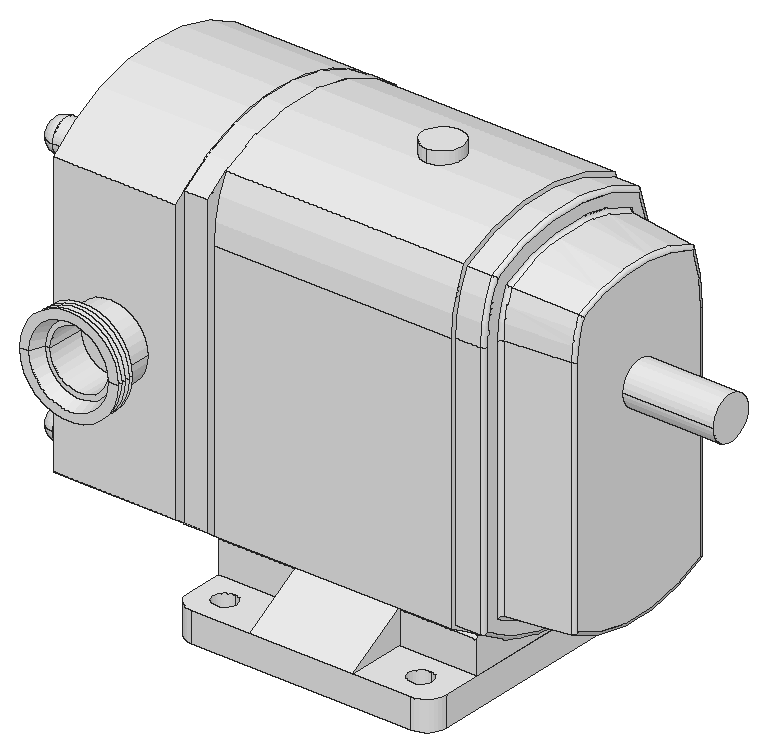
Revit family "MIT MLP 23 - Lobe Pump ", category Specialty Equipment, Revit 2022
Family settings
  Round Connector Dimension = Use Diameter
  Part Type = Normal
  Work Plane-Based = No
  Always vertical = Yes
  Cut with Voids When Loaded = No
  Maintain Annotation Orientation = No
  Shared = No
  Room Calculation Point = No
Parameters
  URL = "https://en.ekinendustriyel.com/lobe-pumps/lobe-pumps"
  Pressure = 20.0 bar  # constant formula
  Motor Power = 4 kW  # constant formula
  Model = "MLP-23-TUL"
  Manufacturer = "Ekin Endüstriyel"
  Keynote = "Double Serpentine Heater Tank"
  Flow = 5.0 m³/h  # constant formula
  Description = "MIT MLP 23 - Lobe Pump"
  Default Elevation = 0 mm
Reference planes
  plane 1 "Center (Front/Back)": y = 0
  plane 2: z = 0
  plane 3 "Center (Left/Right)": x = 0
Forms (mm)
  Extrusion 1, solid, material "Ekin Endüstriyel_StainlesSteel", detail levels medium+fine
    sketch origin (0, 0, 0) x (0, 1, 0) y (0, 0, 1)
      loop
        arc (65, 198) -> (0, 223) -> (-65, 198) r 97
        line (-65, 198) -> (-65, 54)
        arc (-65, 54) -> (0, 29) -> (65, 54) r 97
        line (65, 54) -> (65, 198)
    from -0.581 to -63.081
  Extrusion 2, solid, material "Ekin Endüstriyel_StainlesSteel", detail levels medium+fine
    sketch origin (0, 0, 0) x (0, 1, 0) y (0, 0, 1)
      loop
        arc (-48, 210.291) -> (-53.968, 195.324) -> (-56, 179.34) r 63.873
        line (-56, 179.34) -> (-56, 46.798)
        arc (-56, 46.798) -> (0, 29) -> (56, 46.798) r 97
        line (56, 46.798) -> (56, 169.858)
        arc (56, 169.858) -> (53.981, 190.467) -> (48, 210.291) r 106.175
        arc (48, 210.291) -> (0, 223) -> (-48, 210.291) r 97
    from 132.919 to 11.419
  Extrusion 3, solid, material "Ekin Endüstriyel_StainlesSteel", detail levels coarse
    sketch origin (0, 0, 0) x (0, 1, 0) y (0, 0, 1)
      loop
        arc (65, 198) -> (0, 223) -> (-65, 198) r 97
        line (-65, 198) -> (-65, 54)
        arc (-65, 54) -> (0, 29) -> (65, 54) r 97
        line (65, 54) -> (65, 198)
    from -63.081 to 183.857
  Sweep 4, solid, material "Ekin Endüstriyel_StainlesSteel", detail levels medium+fine
    path in 3D
      loop
        arc (132.919, 48, 210.291) -> (132.919, 53.981, 190.467) -> (132.919, 56, 169.858) r 106.175
        line (132.919, 56, 169.858) -> (132.919, 56, 46.798)
        arc (132.919, 56, 46.798) -> (132.919, 0, 29) -> (132.919, -56, 46.798) r 97
        line (132.919, -56, 46.798) -> (132.919, -56, 179.34)
        arc (132.919, -56, 179.34) -> (132.919, -53.968, 195.324) -> (132.919, -48, 210.291) r 63.873
        arc (132.919, -48, 210.291) -> (132.919, 0, 223) -> (132.919, 48, 210.291) r 97
    profile origin (132.919, 0, 223) x (0, 0, 1) y (1, 0, 0)
      loop
        line (-2.005, 0) -> (-2.005, 13.004)
        arc (-2.005, 13.004) -> (-2.584, 14.402) -> (-3.981, 14.98) r 1.976
        line (-3.981, 14.98) -> (-10.133, 14.98)
        arc (-10.133, 14.98) -> (-11.482, 15.503) -> (-12.125, 16.799) r 2
        line (-12.125, 16.799) -> (-15.082, 49.18)
        arc (-15.082, 49.18) -> (-15.704, 50.432) -> (-17.007, 50.938) r 1.933
        line (-17.007, 50.938) -> (-23.918, 50.938) -> (-23.918, 0) -> (-2.005, 0)
  Extrusion 5, solid, material "Ekin Endüstriyel_StainlesSteel", detail levels medium+fine
    sketch origin (0, 0, 0) x (0, 1, 0) y (0, 0, 1)
      loop
        arc (-29.766, 192.746) -> (-31.499, 186.142) -> (-32.082, 179.34) r 39.955
        line (-32.082, 179.34) -> (-32.082, 60.336)
        arc (-32.082, 60.336) -> (0, 52.918) -> (32.082, 60.336) r 73.082
        line (32.082, 60.336) -> (32.082, 169.858)
        arc (32.082, 169.858) -> (31.232, 181.657) -> (28.697, 193.212) r 82.257
        arc (28.697, 193.212) -> (-0.583, 199.08) -> (-29.766, 192.746) r 73.082
    from 170.518 to 183.857
  Revolve 6, solid, material "Ekin Endüstriyel_StainlesSteel", detail levels fine
    sketch origin (35.739, 0, 123.787) x (1, 0, 0) y (0, 1, 0)
      loop
        line (-88.818, -65.017) -> (-88.818, -81.023) -> (-92.717, -81.023) -> (-94.485, -82.044) -> (-92.482, -83.2) -> (-94.485, -84.357) -> (-92.48, -85.515) -> (-94.485, -86.672) -> (-92.482, -87.829) -> (-94.485, -88.986) -> (-92.482, -90.142) -> (-94.841, -91.504) -> (-90.152, -91.504) -> (-87.609, -84.516) -> (-84.934, -84.516) -> (-84.934, -65.017) -> (-88.818, -65.017)
      axis (-69.763, -65.017) -> (-69.763, -91.504)
    angle from 0 to 360
  Extrusion 7, solid, material "Ekin Endüstriyel_StainlesSteel"
    sketch origin (-63.081, 0, 0) x (0, -1, 0) y (0, 0, 1)
      loop
        circle (0, 126) r 50
    from 0 to 10
  Extrusion 8, solid, material "Ekin Endüstriyel_StainlesSteel", detail levels medium+fine
    sketch origin (0, 0, 0) x (0, 1, 0) y (0, 0, 1)
      loop
        line (-34.093, 32.841) -> (-65, 15) -> (65, 15) -> (34.097, 32.842)
        arc (34.097, 32.842) -> (0.002, 27.834) -> (-34.093, 32.841) r 118.583
    from 36.862 to 89.521
  Extrusion 9, solid, material "Ekin Endüstriyel_StainlesSteel", detail levels medium
    sketch origin (-75.568, 0, 30.923) x (1, 0, 0) y (0, 0, 1)
      loop
        circle (41.544, 92.864) r 25.078
      loop
        circle (41.544, 92.864) r 20.389
    from 65.017 to 91.504
  Extrusion 10, solid, material "Ekin Endüstriyel_StainlesSteel"
    sketch origin (107.25, 0, 153) x (0, 0, 1) y (0, 1, 0)
      loop
        circle (0, 0) r 11
    from -123.169 to -76.607
  Extrusion 11, solid, material "Ekin Endüstriyel_StainlesSteel", detail levels medium+fine
    sketch origin (0, 0, 0) x (0, 1, 0) y (0, 0, 1)
      loop
        line (-60, 202.217) -> (-60, 49.783)
        arc (-60, 49.783) -> (0, 29) -> (60, 49.783) r 97
        line (60, 49.783) -> (60, 202.217)
        arc (60, 202.217) -> (0, 223) -> (-60, 202.217) r 97
    from 11.419 to -0.581
  Extrusion 12, solid, material "Ekin Endüstriyel_StainlesSteel", detail levels coarse
    sketch origin (-99.135, 0, 4.353) x (1, 0, 0) y (0, 0, 1)
      loop
        circle (65.111, 119.434) r 25.078
    from 65 to 91.504
  Extrusion 13, solid, material "Ekin Endüstriyel_StainlesSteel"
    sketch origin (0, 0, 0) x (1, 0, 0) y (0, 1, 0)
      loop
        circle (12.419, -50) r 6
      loop
        circle (112.419, -50) r 6
      loop
        circle (12.419, 50) r 6
      loop
        circle (112.419, 50) r 6
      loop
        line (119.419, 65) -> (7.419, 65)
        arc (7.419, 65) -> (0.348, 62.071) -> (-2.581, 55) r 10
        line (-2.581, 55) -> (-2.581, -55)
        arc (-2.581, -55) -> (0.348, -62.071) -> (7.419, -65) r 10
        line (7.419, -65) -> (119.419, -65)
        arc (119.419, -65) -> (126.49, -62.071) -> (129.419, -55) r 10
        line (129.419, -55) -> (129.419, 55)
        arc (129.419, 55) -> (126.49, 62.071) -> (119.419, 65) r 10
    from 0 to 15
  Extrusion 14, solid, material "Ekin Endüstriyel_StainlesSteel"
    sketch origin (0, 0, 0) x (0, 1, 0) y (0, 0, 1)
      loop
        arc (-33.135, 32.594) -> (-34.417, 32.362) -> (-35, 31.197) r 1.456
        line (-35, 31.197) -> (-35, 15) -> (35.25, 15) -> (35.25, 31.095)
        arc (35.25, 31.095) -> (34.637, 32.321) -> (33.289, 32.566) r 1.532
        arc (33.289, 32.566) -> (0.075, 27.834) -> (-33.135, 32.594) r 118.583
    from -2.581 to 129.018
  Revolve 15, solid, material "Ekin Endüstriyel_StainlesSteel", detail levels fine
    sketch origin (56.401, 0, 191.795) x (1, 0, 0) y (0, 1, 0)
      loop
        line (-119.482, -48.5) -> (-119.482, -39.954) -> (-141.528, -39.954)
        arc (-141.528, -39.954) -> (-139.025, -45.997) -> (-132.982, -48.5) r 8.546
        line (-132.982, -48.5) -> (-119.482, -48.5)
      axis (-119.482, -39.954) -> (-141.528, -39.954)
    angle from 0 to 360
  Extrusion 16, solid, material "Ekin Endüstriyel_StainlesSteel", detail levels medium+fine
    sketch origin (0, 0, 0) x (1, 0, 0) y (0, 1, 0)
      loop
        circle (83.419, 0) r 10
    from 221 to 229
  Extrusion 17, solid, material "Ekin Endüstriyel_StainlesSteel", detail levels coarse+medium
    sketch origin (-119.482, 0, 146.417) x (0, 0, 1) y (0, 1, 0)
      loop
        circle (45.378, -39.954) r 8.546
      loop
        circle (45.378, 39.954) r 8.546
      loop
        circle (-86.212, 39.954) r 8.546
      loop
        circle (-86.212, -39.954) r 8.546
    from -56.401 to -33.901
  Revolve 18, solid, material "Ekin Endüstriyel_StainlesSteel", detail levels fine
    sketch origin (56.401, 0, 191.795) x (1, 0, 0) y (0, 1, 0)
      loop
        line (-119.482, 48.5) -> (-132.982, 48.5)
        arc (-132.982, 48.5) -> (-139.025, 45.997) -> (-141.528, 39.954) r 8.546
        line (-141.528, 39.954) -> (-119.482, 39.954) -> (-119.482, 48.5)
      axis (-119.482, 39.954) -> (-141.528, 39.954)
    angle from 0 to 360
  Revolve 19, solid, material "Ekin Endüstriyel_StainlesSteel", detail levels fine
    sketch origin (56.401, 0, 60.205) x (1, 0, 0) y (0, 1, 0)
      loop
        line (-119.482, -48.5) -> (-119.482, -39.954) -> (-141.528, -39.954)
        arc (-141.528, -39.954) -> (-139.025, -45.997) -> (-132.982, -48.5) r 8.546
        line (-132.982, -48.5) -> (-119.482, -48.5)
      axis (-119.482, -39.954) -> (-141.528, -39.954)
    angle from 0 to 360
  Revolve 20, solid, material "Ekin Endüstriyel_StainlesSteel", detail levels fine
    sketch origin (56.401, 0, 60.205) x (1, 0, 0) y (0, 1, 0)
      loop
        line (-119.482, 48.5) -> (-132.982, 48.5)
        arc (-132.982, 48.5) -> (-139.025, 45.997) -> (-141.528, 39.954) r 8.546
        line (-141.528, 39.954) -> (-119.482, 39.954) -> (-119.482, 48.5)
      axis (-119.482, 39.954) -> (-141.528, 39.954)
    angle from 0 to 360
  Revolve 21, solid, material "Ekin Endüstriyel_StainlesSteel", detail levels fine
    sketch origin (35.739, 0, 123.787) x (1, 0, 0) y (0, 1, 0)
      loop
        line (-88.818, 65.017) -> (-84.934, 65.017) -> (-84.934, 84.516) -> (-87.609, 84.516) -> (-90.152, 91.504) -> (-94.841, 91.504) -> (-92.482, 90.142) -> (-94.485, 88.986) -> (-92.482, 87.829) -> (-94.485, 86.672) -> (-92.48, 85.515) -> (-94.485, 84.357) -> (-92.482, 83.2) -> (-94.485, 82.044) -> (-92.717, 81.023) -> (-88.818, 81.023) -> (-88.818, 65.017)
      axis (-69.763, 65.017) -> (-69.763, 91.504)
    angle from 0 to 360
  Extrusion 22, solid, material "Ekin Endüstriyel_StainlesSteel", detail levels medium
    sketch origin (-75.568, 0, 30.923) x (1, 0, 0) y (0, 0, -1)
      loop
        circle (41.544, -92.864) r 25.078
      loop
        circle (41.544, -92.864) r 20.389
    from 65.017 to 91.504
  Extrusion 23, solid, material "Ekin Endüstriyel_StainlesSteel", detail levels coarse
    sketch origin (-99.135, 0, 4.353) x (1, 0, 0) y (0, 0, -1)
      loop
        circle (65.111, -119.434) r 25.078
    from 65 to 91.504
Cuts and joins
  joined: Sweep 4, Extrusion 5
  joined: Extrusion 2, Extrusion 11, Extrusion 16
Lines and regions (mm)
  sketch lines
    curve 1: arc (132.919, -48, 210.291) -> (132.919, 0, 223) -> (132.919, 48, 210.291) r 97
    curve 2: arc (132.919, -56, 179.34) -> (132.919, -53.968, 195.324) -> (132.919, -48, 210.291) r 63.873
    curve 3: line (132.919, -56, 179.34) -> (132.919, -56, 46.798)
    curve 4: arc (132.919, 56, 46.798) -> (132.919, 0, 29) -> (132.919, -56, 46.798) r 97
    curve 5: line (132.919, 56, 46.798) -> (132.919, 56, 169.858)
    curve 6: arc (132.919, 48, 210.291) -> (132.919, 53.981, 190.467) -> (132.919, 56, 169.858) r 106.175
Dimensions and locks
  aligned and locked: level to plane 2
Connectors
  piping at (-34.024, -91.504, 123.787), diameter 38.1
    settings: on Extrusion 9, index 1, connector inside diameter 609.6 mm, connector length 0 mm, flow factor 0, pipe flow 0.0 m³/h, pressure drop 0.0 bar, fitting loss kfactor 0, connector angle 0.00°, fixture units 0, engagement length 0 mm, angle of deflection 0.00°, flow configuration 0, flow direction 0, fitting loss method 0, system type 7, joint type 0, gender type 0, connector reference index -1, connector utility 0, adjustable connector no, is connector primary yes, connector description ""
  piping at (-34.024, 91.504, 123.787), diameter 38.1
    settings: on Extrusion 22, index 2, connector inside diameter 609.6 mm, connector length 0 mm, flow factor 0, pipe flow 0.0 m³/h, pressure drop 0.0 bar, fitting loss kfactor 0, connector angle 0.00°, fixture units 0, engagement length 0 mm, angle of deflection 0.00°, flow configuration 0, flow direction 0, fitting loss method 0, system type 7, joint type 0, gender type 0, connector reference index -1, connector utility 0, adjustable connector no, is connector primary no, connector description ""
